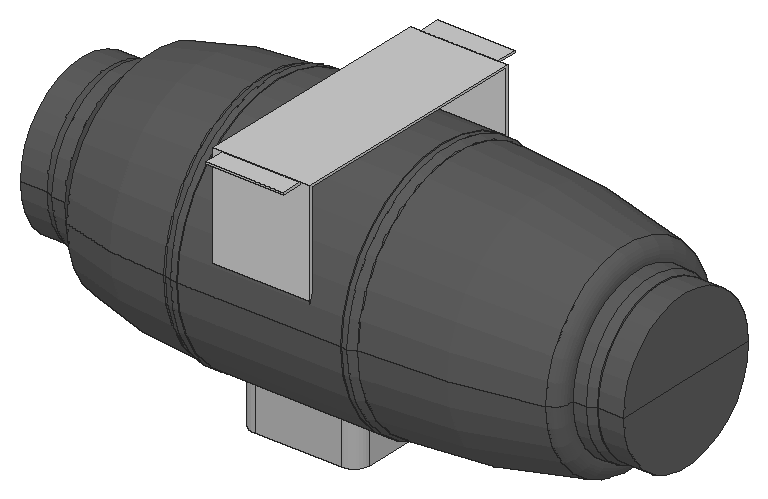
Revit family "90000360 - Aventa Silent AVS 150 - BIM file", category Mechanical Equipment, Revit 2023
Family settings
  Round Connector Dimension = Use Diameter
  Classification = None
  Part Type = Breaks Into
  OmniClass Number = 23.75.35.17.11
  OmniClass Title = Fans for Air Ductwork
  Work Plane-Based = No
  Always vertical = No
  Cut with Voids When Loaded = No
  Maintain Annotation Orientation = No
  Shared = No
  Room Calculation Point = No
Parameters (values of type "Aventa Silent AVS150 Basic")
  Weight = 6.10 kg
  Voltage = 230 V
  URL = "https://www.airflow.com/"
  Type Comments = "Inlinefan single speed up to 405m3/h"
  Transported Air Temperature (°C) = "-25...+60"
  RPM (min-1) = 2645
  R1 = D1 / 2  # 122 mm
  Protection rating = "IPX4"
  Power Factor = 1
  Number of Poles = 1
  Noise Level at 3 m (dBa) = 26
  Mounting Hanger [instance] = yes
  Material Finish = "Polymer Coated Steel"
  Maintenance Zone Length Calc = if(Maintenance Zone Length < L, L, Maintenance Zone Length)  # 600 mm
  L27 = 6 mm
  L26 = 8 mm
  L25 = L21 - L22 - L23 - L24 - L26 - L27  # 163 mm
  L24 = 11 mm
  L21 = 209 mm
  L17 = 6 mm
  L16 = 8 mm
  L15 = L11 - L12 - L13 - L14 - L16 - L17  # 107 mm
  L14 = 21 mm
  L11 = 163 mm
  HangerW = 93 mm
  HangerL1 = 238 mm
  HangerL = 238 mm
  HangerH = HangerBaseH  # 126 mm
  HangerExtraL = yes
  HangerBaseH = 126 mm
  Model = "Aventa Silent AVS150 Basic"
  Manufacturer = "Airflow"
  Maintenance Zone Width = 600 mm
  Maintenance Zone Material = Maintenance Zone
  Maintenance Zone Length = 600 mm
  Maintenance Zone Height = 600 mm
  Maintenance Zone [instance] = no
  Load Classification = HVAC
  L23 = 13 mm
  L22 = 8 mm
  L2 = 25 mm
  L13 = 13 mm
  L12 = 8 mm
  L1 = 25 mm
  L = 580 mm
  Hanger Material = Metal Zinc
  Flow direction symbol [instance] = yes
  Flow Factor [instance] = 1  # constant formula
  Family Version = "1.0"  # constant formula
  ElBoxW = 150 mm
  ElBoxR = 15 mm  # constant formula
  ElBoxL = 114 mm
  ElBoxH = 137 mm
  Distribution Box Material = Distribution Box Dark Grey
  Dimensions = "(H) 260 x (W) 580 x (D) 274mm"
  Description = "Inline mixed-flow fan suitable for domestic and light commercial facilities"
  Default Elevation = 0 mm
  Dd26 = 44 mm
  Dd24 = 22 mm
  Dd22 = 3 mm
  Dd23 = 4 mm
  Dd16 = 45 mm
  Dd14 = 28 mm
  Dd13 = 4 mm
  Dd12 = 3 mm
  D1 = 244 mm
  D = 150 mm
  Copyright = "©Airflow"
  Duct Connection Size = 150 mm
  Fan Material = Metal Black
  Maximum Air Flow = 405 m³/h
  Airflow part no = "90000360"
  Air Flow [instance] = 0 m³/h
  Power = 45 W
  Current = 0.2 A
  Apparent Power = Power / Power Factor  # 45 VA
Types (2, lengths in mm): name | Type Comments | Noise Level at 3 m (dBa) | Model | Maximum Air Flow | Airflow part no | Power | Current | Apparent Power
  Aventa Silent AVS150 Timer | "Inlinefan single speed up to 555m3/h" | 33 | "Aventa Silent AVS150 Timer" | 555 m³/h | "90002120" | 52 W | 0.23 A | 52 VA
  Aventa Silent AVS150 Basic | "Inlinefan single speed up to 405m3/h" | 26 | "Aventa Silent AVS150 Basic" | 405 m³/h | "90000360" | 45 W | 0.2 A | 45 VA
Reference planes
  plane 1 "Center (Front/Back)": y = 0
  plane 2: z = 0
  plane 3 "Center (Left/Right)": x = 0
  plane 4: y = 75
  plane 5: y = -75
  plane 6: y = 122
  plane 7: y = -122
  plane 8: x = 580
  plane 9 "C": x = 346
  plane 10: x = 188
  plane 11 "CenterL": x = 290
  plane 12: x = 25
  plane 13: x = 182
  plane 14: y = 78
  plane 15 "CenterOfCentralPart": x = 267
  plane 16: y = 75
  plane 17: y = -75
  plane 18: x = 210
  plane 19: x = 324
  plane 20 "ElBoxHeight": z = -137
  plane 21 "HangerHeight": z = 126
  plane 22: y = 79
  plane 23: y = 103
  plane 24: x = 67
  plane 25: x = 46
  plane 26: x = 33
  plane 27: x = 174
  plane 28: y = 120
  plane 29: x = 175
  plane 30: x = 352
  plane 31: y = 78
  plane 32: y = 79
  plane 33: y = 97
  plane 34: x = 523
  plane 35: x = 534
  plane 36: x = 547
  plane 37: x = 360
  plane 38: y = 119
  plane 39: x = 359
  plane 40: x = 555
Forms (mm)
  Revolve 1, solid, material "Metal Black" <- "Fan Material", detail levels medium+fine
    sketch origin (368, 0, 0) x (1, 0, 0) y (0, 1, 0)
      loop
        line (-343, 0) -> (-180, 0) -> (-180, 122) -> (-186, 122) -> (-193, 120) -> (-194, 120)
        arc (-194, 120) -> (-248.171, 115.724) -> (-301, 103) r 345.235
        arc (-301, 103) -> (-311.811, 91.272) -> (-322, 79) r 307.953
        line (-322, 79) -> (-335, 78) -> (-343, 75) -> (-343, 0)
      axis (-180, 0) -> (-343, 0)
    angle from 0 to 360
  Revolve 2, solid, material "Metal Black" <- "Fan Material", detail levels medium+fine
    sketch origin (368, 0, 0) x (1, 0, 0) y (0, 1, 0)
      loop
        line (187, 75) -> (187, 0) -> (212, 0) -> (212, 75) -> (187, 75)
      axis (212, 0) -> (187, 0)
    angle from 0 to 360
  Revolve 3, solid, material "Metal Black" <- "Fan Material", detail levels medium+fine
    sketch origin (368, 0, 0) x (1, 0, 0) y (0, 1, 0)
      loop
        line (-368, 75) -> (-368, 0) -> (-343, 0) -> (-343, 75) -> (-368, 75)
      axis (-343, 0) -> (-368, 0)
    angle from 0 to 360
  Revolve 4, solid, material "Metal Black" <- "Fan Material", detail levels medium+fine
    sketch origin (0, 0, 0) x (1, 0, 0) y (0, 1, 0)
      loop
        line (188, 122) -> (188, 0) -> (346, 0) -> (346, 122) -> (188, 122)
      axis (188, 0) -> (346, 0)
    angle from 0 to 360
  Extrusion 5, solid, material "Distribution Box Dark Grey" <- "Distribution Box Material", detail levels medium+fine
    sketch origin (0, 0, 0) x (1, 0, 0) y (0, 1, 0)
      loop
        arc (225, 75) -> (214.393, 70.607) -> (210, 60) r 15
        line (210, 60) -> (210, -60)
        arc (210, -60) -> (214.393, -70.607) -> (225, -75) r 15
        line (225, -75) -> (309, -75)
        arc (309, -75) -> (319.607, -70.607) -> (324, -60) r 15
        line (324, -60) -> (324, 60)
        arc (324, 60) -> (319.607, 70.607) -> (309, 75) r 15
        line (309, 75) -> (225, 75)
    from 0 to -137
  Revolve 6, solid, material "Metal Black" <- "Fan Material", detail levels medium+fine
    sketch origin (117, 0, 0) x (-1, 0, 0) y (0, 1, 0)
      loop
        line (-438, 0) -> (-229, 0) -> (-229, 122) -> (-235, 122) -> (-242, 119) -> (-243, 119)
        arc (-243, 119) -> (-325.239, 113.475) -> (-406, 97) r 614.841
        arc (-406, 97) -> (-415.063, 90.177) -> (-417, 79) r 15.409
        line (-417, 79) -> (-430, 78) -> (-438, 75) -> (-438, 0)
      axis (-229, 0) -> (-438, 0)
    angle from 0 to 360
Cuts and joins
  joined: Revolve 1, Revolve 3
Dimensions and locks
  equal spacing: plane 4, plane 1 "Center (Front/Back)", plane 5
  "D": plane 4 to plane 5
  equal spacing: plane 7, plane 1 "Center (Front/Back)", plane 6
  "D1": plane 6 to plane 7
  "L": plane 3 "Center (Left/Right)" to plane 8
  equal spacing: plane 3 "Center (Left/Right)", plane 11 "CenterL", plane 8
  "L1": plane 3 "Center (Left/Right)" to plane 12
  "Dd12": plane 14 to plane 4
  equal spacing: plane 10, plane 15 "CenterOfCentralPart", plane 9 "C"
  equal spacing: plane 17, plane 1 "Center (Front/Back)", plane 16
  "ElBoxW": plane 16 to plane 17
  equal spacing: plane 18, plane 15 "CenterOfCentralPart", plane 19
  "ElBoxL": plane 18 to plane 19
  "ElBoxH": level to plane 20 "ElBoxHeight"
  "HangerBaseH": plane 21 "HangerHeight" to level
  "Dd13": plane 22 to plane 4
  "Dd14": plane 23 to plane 4
  "L11": plane 12 to plane 10
  "L12": plane 12 to plane 26
  "L13": plane 26 to plane 25
  "L14": plane 25 to plane 24
  "L17": plane 13 to plane 10
  "L16": plane 27 to plane 13
  "Dd16": plane 28 to plane 4
  locked: plane 27 to plane 29 at 1
  "L23": plane 36 to plane 35
  "L24": plane 35 to plane 34
  "L26": plane 37 to plane 30
  locked: plane 37 to plane 39 at 1
  "L2": plane 40 to plane 8
  "L21": plane 9 "C" to plane 40
  "L22": plane 36 to plane 40
  "L27": plane 9 "C" to plane 30
  "Dd22": plane 31 to plane 4
  "Dd23": plane 32 to plane 4
  "Dd24": plane 33 to plane 4
  "Dd26": plane 38 to plane 4
  "ElBoxR": radius of Extrusion 5 sketch curve  (x4)
  aligned and locked: level to plane 2
  aligned and locked: Revolve 2 sketch curve to plane 4
  aligned and locked: Revolve 2 sketch curve to plane 8
  aligned and locked: Revolve 2 sketch curve to plane 1 "Center (Front/Back)"
  aligned and locked: Revolve 3 sketch curve to plane 4
  aligned and locked: Revolve 3 sketch curve to plane 1 "Center (Front/Back)"
  aligned and locked: plane 3 "Center (Left/Right)" to Revolve 3 sketch curve
  aligned and locked: plane 1 "Center (Front/Back)" to nested 1
  aligned and locked: nested 2 to level
  aligned and locked: plane 1 "Center (Front/Back)" to nested 3
  aligned and locked: nested 3 to plane 3 "Center (Left/Right)"
  aligned and locked: plane 1 "Center (Front/Back)" to nested 4
  aligned and locked: Revolve 4 sketch curve to plane 6
  aligned and locked: Revolve 4 sketch curve to nested 4
  aligned and locked: Revolve 4 sketch curve to Revolve 4 sketch curve  (x2)
  aligned and locked: plane 11 "CenterL" to nested 4
  aligned and locked: Revolve 4 sketch curve to plane 9 "C"
  aligned and locked: plane 15 "CenterOfCentralPart" to nested 1
  aligned and locked: Extrusion 5 sketch curve to plane 16
  aligned and locked: plane 18 to Extrusion 5 sketch curve
  aligned and locked: plane 17 to Extrusion 5 sketch curve
  aligned and locked: Extrusion 5 sketch curve to plane 19
  aligned and locked: Extrusion 5 to plane 20 "ElBoxHeight"
  aligned and locked: plane 15 "CenterOfCentralPart" to nested 2
  aligned and locked: nested 5 to plane 1 "Center (Front/Back)"
  aligned and locked: plane 15 "CenterOfCentralPart" to nested 5
  aligned and locked: Revolve 1 sketch curve to plane 1 "Center (Front/Back)"
  aligned and locked: plane 4 to Revolve 1 sketch curve
  aligned and locked: plane 1 "Center (Front/Back)" to Revolve 1 sketch curve
  aligned and locked: Revolve 1 sketch curve to plane 6
  aligned and locked: plane 29 to Revolve 1 sketch curve
  aligned and locked: plane 28 to Revolve 1 sketch curve
  aligned and locked: Revolve 6 sketch curve to plane 39
  aligned and locked: Revolve 6 sketch curve to plane 38
  aligned and locked: Revolve 2 to plane 40
Automatic sketch dimensions
  plane 1 "Center (Front/Back)" to Revolve 2 sketch curve = 0 mm
  Revolve 2 sketch curve to plane 8 = 25 mm
  Revolve 2 sketch curve to plane 3 "Center (Left/Right)" = 1632 mm
  Revolve 2 sketch curve to Revolve 2 sketch curve = 2138 mm
  plane 1 "Center (Front/Back)" to Revolve 3 sketch curve = 0 mm
  Revolve 3 sketch curve to plane 12 = 0 mm
  Revolve 3 sketch curve to plane 3 "Center (Left/Right)" = 1646 mm
  plane 8 to Revolve 3 sketch curve = 2149 mm
  Revolve 4 sketch curve to plane 10 = 0 mm
  Revolve 4 sketch curve to plane 11 "CenterL" = 0 mm
  Revolve 1 sketch curve to plane 12 = 0 mm
  Revolve 1 sketch curve to plane 14 = 0 mm
  Revolve 1 sketch curve to plane 26 = 0 mm
  Revolve 1 sketch curve to plane 22 = 0 mm
  Revolve 1 sketch curve to plane 25 = 0 mm
  Revolve 1 sketch curve to plane 23 = 0 mm
  Revolve 1 sketch curve to plane 24 = 0 mm
  Revolve 1 sketch curve to plane 27 = 0 mm
  Revolve 1 sketch curve to plane 13 = 0 mm
  Revolve 1 sketch curve to plane 10 = 0 mm
  Revolve 1 sketch curve to plane 11 "CenterL" = 2.053 mm
  Revolve 1 sketch curve to plane 3 "Center (Left/Right)" = 2000 mm
  plane 8 to Revolve 1 sketch curve = 1495 mm
  plane 1 "Center (Front/Back)" to Revolve 6 sketch curve = 0 mm  (x2)
  Revolve 6 sketch curve to plane 40 = 0 mm
  Revolve 6 sketch curve to plane 31 = 0 mm
  Revolve 6 sketch curve to plane 36 = 0 mm
  Revolve 6 sketch curve to plane 32 = 0 mm
  Revolve 6 sketch curve to plane 35 = 0 mm
  Revolve 6 sketch curve to plane 33 = 0 mm  (x2)
  Revolve 6 sketch curve to plane 34 = 0 mm
  Revolve 6 sketch curve to plane 37 = 0 mm
  Revolve 6 sketch curve to plane 6 = 0 mm
  Revolve 6 sketch curve to plane 30 = 0 mm
  Revolve 6 sketch curve to plane 9 "C" = 0 mm
  Revolve 6 sketch curve to plane 4 = 0 mm
  Revolve 6 sketch curve to plane 8 = 1980 mm
  plane 3 "Center (Left/Right)" to Revolve 6 sketch curve = 1515 mm
Nested families
  nested 1: "GraphicalSymbol_Fun_FlowDirection" at (267, 0, 0), visible <- "Flow direction symbol", type "GraphicalSymbol_Fun_FlowDirection", detail levels medium+fine
    with Length 50 mm, Height 50 mm, B 25 mm, A 16.667 mm
  nested 2: "GraphicalSymbol_Fun_FlowDirection" at (267, 0, 0) x (1, 0, 0) z (0, -1, 0), type "GraphicalSymbol_Fun_FlowDirection"
    with Length 50 mm, Height 50 mm, B 25 mm, A 16.667 mm
  nested 3: "GraphicalSymbol_Fan_1" at (290, 0, 0), type "GraphicalSymbol_Fan_1", detail levels coarse
    with Diameter 580 mm, A 145 mm
  nested 4: "MaintenanceZone_Rect" at (290, 0, 0), visible <- "Maintenance Zone", type "MaintenanceZone_Rect", detail levels medium+fine
    with Maintenance Zone Width 600 mm, Maintenance Zone Length 600 mm, Maintenance Zone Height 600 mm
  nested 5: "MountingHanger" at (267, 0, 126) x (0, 1, 0) z (0, 0, -1), visible <- "Mounting Hanger", type "MountingHanger", detail levels medium+fine
    with Width1 74.4 mm, Width 93 mm, Length2 278 mm, Length 238 mm, Lenght1Calc 237.5 mm, Length1 238 mm, Height 126 mm, ExtraLength yes
Connectors
  hvac at (0, 0, 0), driven by "Duct Connection Size", driven by "Air Flow"
    settings: on cut or joined group of Revolve 1, Revolve 3, index 4, duct flow 0 m³/h, flow factor 0, pres drop 0.0 Pa, loss coef 0, conn angle 0.00°, conn width 304.8 mm, conn height 304.8 mm, conn diameter 150 mm, duct sys type 29, conn prof type 0, flow config 0, flow direction 0, loss method 0, conn ref index 5, conn util no, is conn primary yes, conn desc ""
  hvac at (580, 0, 0), driven by "Duct Connection Size"
    settings: on Revolve 2, index 5, duct flow 0 m³/h, flow factor 0, pres drop 0.0 Pa, loss coef 0, conn angle 0.00°, conn width 304.8 mm, conn height 304.8 mm, conn diameter 150 mm, duct sys type 28, conn prof type 0, flow config 0, flow direction 0, loss method 0, conn ref index 4, conn util no, is conn primary no, conn desc ""
  electrical at (267, 0, -137), driven by "Number of Poles", driven by "Load Classification", driven by "Voltage", driven by "Apparent Power", driven by "Power Factor"
    settings: on Extrusion 5, index 6, voltage 230 V, apparent load 45 VA, apparent load phase1 0 VA, apparent load phase2 0 VA, apparent load phase3 0 VA, power factor 1, load classification "HVAC", number of poles 1, system type 30, power factor state 1, is connector primary yes, connector utility no, sub classification motor no, connector description ""
Definition of nested family "MaintenanceZone_Rect"
  Parameters (values of type "MaintenanceZone_Rect")
    Maintenance Zone Width = 500 mm
    Material = none
    Maintenance Zone Length = 1000 mm
    Maintenance Zone Height = 300 mm
    Family Version = ""
    Default Elevation = 1219.2 mm
    Copyright = ""
  Reference planes
    plane 1 "Center (Front/Back)": y = 0
    plane 2: z = 0
    plane 3 "Center (Left/Right)": x = 0
    plane 4: x = -500
    plane 5: x = 500
    plane 6: y = 250
    plane 7: y = -250
    plane 8: z = -300
  Forms (mm)
    Extrusion 1, solid, material <- "Material", detail levels medium+fine
      sketch origin (0, 0, 0) x (1, 0, 0) y (0, 1, 0)
        loop
          line (-500, 250) -> (-500, -250) -> (500, -250) -> (500, 250) -> (-500, 250)
      from 0 to -300
  Lines and regions (mm)
    symbolic lines, detail levels medium+fine
      curve 1: line (-500, 0, 0) -> (500, 0, 0)
      curve 2: line (-500, 0, -300) -> (-500, 0, 0)
      curve 3: line (500, 0, -300) -> (-500, 0, -300)
      curve 4: line (500, 0, 0) -> (500, 0, -300)
      curve 5: line (0, 250, 0) -> (0, -250, 0)
      curve 6: line (0, 250, -300) -> (0, 250, 0)
      curve 7: line (0, -250, -300) -> (0, 250, -300)
      curve 8: line (0, -250, 0) -> (0, -250, -300)
      curve 9: line (-500, 250, 0) -> (500, 250, 0)
      curve 10: line (-500, -250, 0) -> (-500, 250, 0)
      curve 11: line (500, -250, 0) -> (-500, -250, 0)
      curve 12: line (500, 250, 0) -> (500, -250, 0)
  Dimensions and locks
    equal spacing: plane 6, plane 1 "Center (Front/Back)", plane 7
    equal spacing: plane 4, plane 3 "Center (Left/Right)", plane 5
    "Maintenance Zone Width": plane 6 to plane 7
    "Maintenance Zone Length": plane 4 to plane 5
    "Maintenance Zone Height": plane 2 to plane 8
    aligned and locked: level to plane 2
    aligned and locked: Extrusion 1 sketch curve to plane 6
    aligned and locked: plane 4 to Extrusion 1 sketch curve
    aligned and locked: plane 7 to Extrusion 1 sketch curve
    aligned and locked: Extrusion 1 sketch curve to plane 5
    aligned and locked: Extrusion 1 to plane 8
    aligned and locked: curve 1 to Extrusion 1
    aligned and locked: curve 2 to Extrusion 1
    aligned and locked: curve 3 to Extrusion 1
    aligned and locked: curve 4 to Extrusion 1
    aligned and locked: curve 5 to Extrusion 1
    aligned and locked: curve 6 to Extrusion 1
    aligned and locked: curve 7 to Extrusion 1
    aligned and locked: curve 8 to Extrusion 1
    aligned and locked: curve 9 to Extrusion 1
    aligned and locked: curve 10 to Extrusion 1
    aligned and locked: curve 11 to Extrusion 1
    aligned and locked: curve 12 to Extrusion 1
Definition of nested family "MountingHanger"
  Parameters (values of type "MountingHanger")
    Width1 = Width * 0.8  # 160 mm
    Width = 200 mm
    Thikness = 2 mm
    Material = none
    Length2 = Length + 20 mm * 2  # 518 mm
    Length = 478 mm
    Lenght1Calc = if(Length1 = Length, Length - 0.5 mm, Length1)  # 396 mm
    Length1 = 396 mm
    Height1 = 10 mm
    Height = 219 mm
    ExtraLength = no
    Default Elevation = 1219.2 mm
  Reference planes
    plane 1 "Center (Front/Back)": y = 0
    plane 2: z = 0
    plane 3 "Center (Left/Right)": x = 0
    plane 4: x = -239
    plane 5: x = 239
    plane 6: y = 100
    plane 7: y = -100
    plane 8: z = 219
    plane 9: x = -198
    plane 10: x = 198
    plane 11: z = 209
    plane 12: y = 80
    plane 13: y = -80
    plane 14: x = -259
    plane 15: x = 259
    plane 16: x = -239
    plane 17: x = 239
  Forms (mm)
    Extrusion 1, solid, material <- "Material"
      sketch origin (0, 0, 0) x (1, 0, 0) y (0, 0, 1)
        loop
          line (-198, 209) -> (-239, 0) -> (239, 0) -> (198, 209) -> (198, 219) -> (196, 219) -> (196, 208.806) -> (236.57, 2) -> (-236.57, 2) -> (-196, 208.806) -> (-196, 219) -> (-198, 219) -> (-198, 209)
      from -100 to 100
    Extrusion 2, solid, material <- "Material", visible <- "ExtraLength"
      sketch origin (0, 0, 0) x (1, 0, 0) y (0, 1, 0)
        loop
          line (-259, 80) -> (-259, -80) -> (-239, -80) -> (-239, 80) -> (-259, 80)
        loop
          line (239, 80) -> (239, -80) -> (259, -80) -> (259, 80) -> (239, 80)
      from 0 to 2
  Dimensions and locks
    equal spacing: plane 4, plane 3 "Center (Left/Right)", plane 5
    "Length": plane 4 to plane 5
    plane 8 to level = 219 mm
    equal spacing: plane 6, plane 1 "Center (Front/Back)", plane 7
    "Width": plane 6 to plane 7
    "Height": plane 8 to level
    "Thikness": Extrusion 1 sketch curve to level
    "Thikness": Extrusion 1 sketch curve to Extrusion 1 sketch curve  (x2)
    "Thikness": Extrusion 1 sketch curve to plane 9
    "Thikness": plane 10 to Extrusion 1 sketch curve
    equal spacing: plane 9, plane 3 "Center (Left/Right)", plane 10
    "Lenght1Calc": plane 9 to plane 10
    "Height1": plane 8 to plane 11
    equal spacing: plane 12, plane 1 "Center (Front/Back)", plane 13
    "Width1": plane 12 to plane 13
    equal spacing: plane 14, plane 3 "Center (Left/Right)", plane 15
    "Length2": plane 14 to plane 15
    "Thikness": Extrusion 2 to level
    equal spacing: plane 16, plane 3 "Center (Left/Right)", plane 17
    "Length": plane 16 to plane 17
    aligned and locked: level to plane 2
    aligned and locked: plane 6 to Extrusion 1
    aligned and locked: Extrusion 1 to plane 7
    aligned and locked: plane 9 to Extrusion 1 sketch curve
    aligned and locked: plane 10 to Extrusion 1 sketch curve
    aligned and locked: Extrusion 2 sketch curve to plane 12  (x2)
    aligned and locked: plane 14 to Extrusion 2 sketch curve
    aligned and locked: plane 13 to Extrusion 2 sketch curve  (x2)
    aligned and locked: Extrusion 2 sketch curve to plane 16
    aligned and locked: plane 17 to Extrusion 2 sketch curve
    aligned and locked: Extrusion 2 sketch curve to plane 15
  Automatic sketch dimensions
    Extrusion 1 sketch curve to level = 0 mm
    Extrusion 1 sketch curve to plane 4 = 0 mm
    Extrusion 1 sketch curve to plane 5 = 0 mm
    Extrusion 1 sketch curve to plane 11 = 0 mm  (x2)
    Extrusion 1 sketch curve to plane 8 = 0 mm  (x2)
Definition of nested family "GraphicalSymbol_Fun_FlowDirection"
  Parameters (values of type "GraphicalSymbol_Fun_FlowDirection")
    Length = 100 mm
    Height = Length  # 100 mm
    B = Length / 2  # 50 mm
    A = Length / 3  # 33.333 mm
  Reference planes
    plane 1 "Center (Front/Back)": y = 0
    plane 2: z = 0
    plane 3 "Center (Left/Right)": x = 0
    plane 4: x = -33.333
    plane 5: x = 50
    plane 6: y = 50
    plane 7: y = -50
  Lines and regions (mm)
    detail lines, in view "Ref. Level"
      curve 1: line (-33.333, 50, 0) -> (-33.333, -50, 0)
      curve 2: line (50, 0, 0) -> (-33.333, -50, 0)
      curve 3: line (50, 0, 0) -> (-33.333, 50, 0)
  Dimensions and locks
    "A": plane 4 to plane 3 "Center (Left/Right)"
    "B": plane 3 "Center (Left/Right)" to plane 5
    equal spacing: plane 6, plane 1 "Center (Front/Back)", plane 7
    "Height": plane 6 to plane 7
    aligned and locked: curve 1 to plane 4
  Automatic sketch dimensions
    plane 1 "Center (Front/Back)" to curve 3 = 0 mm
    curve 3 to plane 5 = 0 mm
    curve 2 to plane 7 = 0 mm
    curve 3 to plane 6 = 0 mm
Definition of nested family "GraphicalSymbol_Fan_1"
  Parameters (values of type "GraphicalSymbol_Fan_1")
    Diameter = 100 mm
    Default Elevation = 1219.2 mm
    A = Diameter / 4  # 25 mm
  Reference planes
    plane 1 "Center (Front/Back)": y = 0
    plane 2: z = 0
    plane 3 "Center (Left/Right)": x = 0
    plane 4: x = -25
  Lines and regions (mm)
    model lines
      curve 1: circle (0, 0, 0) r 50 normal (0, 0, 1)
      curve 4: line (-25, 43.301, 0) -> (-25, -43.301, 0)
      curve 5: line (-25, 43.301, 0) -> (50, 0, 0)
      curve 6: line (-25, -43.301, 0) -> (50, 0, 0)
    reference lines
      curve 2: line (50, 141.389, 0) -> (50, -158.611, 0)
      curve 3: line (-50, 141.389, 0) -> (-50, -158.611, 0)
  Dimensions and locks
    equal spacing: curve 3, plane 3 "Center (Left/Right)", curve 2
    "Diameter": curve 3 to curve 2
    "A": plane 4 to plane 3 "Center (Left/Right)"
    "Diameter": diameter of curve 1
    aligned and locked: level to plane 2
  Automatic sketch dimensions
    curve 4 to plane 4 = 0 mm
    plane 1 "Center (Front/Back)" to curve 1 = 0 mm
    curve 1 to plane 3 "Center (Left/Right)" = 0 mm
    plane 1 "Center (Front/Back)" to curve 6 = 0 mm
    plane 1 "Center (Front/Back)" to curve 2 = 158.611 mm
    curve 3 to curve 2 = 0 mm  (x2)
    curve 3 to plane 1 "Center (Front/Back)" = 141.389 mm
